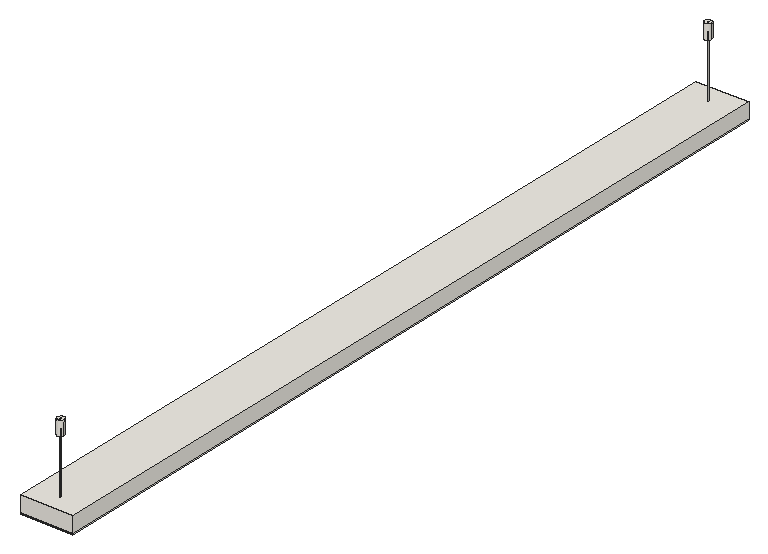
Revit family "ERA_LF_PR_SPO-5-40", category Осветительные приборы, Revit 2019 (continued)
Types (4, lengths in mm): name | Файл фотометрической сетки | built-in parameter 1150142 | Lumens | built-in parameter 1150107 | URL | ADSK_Масса | ADSK_Марка | ADSK_Обозначение | ADSK_Наименование
    3 251.8 248.2 244.4 240.6 236.7 232.7 228.7 224.6 220.4 216.2 211.9 207.6 203.3 198.8 194.4 189.9 185.5 180.9 176.4 171.8 167.2 162.6 157.9 153.3 148.8 144.3 139.9 135.6 131.5 127.4 123.3 119.4 115.5 111.7 107.9 104.2 100.5 96.8 93.3 89.7 86.3 82.8 79.4 76.1 72.8 69.5 66.4 63.3 60.2 57.2 54.3 51.4 48.6 45.8 43.1 40.5 37.9 35.4 32.9 30.4 27.9 25.6 23.4 21.3 19.4 17.6 15.9 14.3 12.7 11.3 9.9 8.6 7.3 6.2 5.2 4.3 3.5 0 0 0 0 0 0 0 0 0 0 0 0 0 0 0 0 0 0 0 0 0 0 0 0 0 0 0 0 0 0 0 0 0 0 0 0 0 0 0 0 0 0 0 0 0 0 0 0 0 0 0 0 0 0 0 0 0 0 0 0 0 0 0 0 0 0 0 0\r\n319.5 319.5 319.3 319 318.7 318.2 317.6 316.9 316.1 315.2 314.2 313.1 311.8 310.5 309.1 307.5 305.9 304.1 302.2 300.2 298.2 296 293.7 291.3 288.8 286.3 283.7 280.9 278 275.1 272 268.9 265.7 262.4 259 255.5 251.9 248.2 244.4 240.6 236.7 232.7 228.7 224.5 220.3 216.1 211.7 207.4 202.9 198.4 193.9 189.3 184.7 180 175.3 170.6 165.9 161.1 156.3 151.6 146.9 142.2 137.6 133.1 128.6 124.3 120.1 115.9 111.8 107.9 103.9 100.1 96.3 92.5 88.9 85.2 81.7 78.2 74.8 71.4 68.1 64.9 61.7 58.6 55.5 52.5 49.6 46.7 43.9 41.2 38.3 35.7 33.3 30.9 28.5 26 23.6 21.4 19.4 17.5 15.7 14.2 12.6 11.2 9.9 8.6 7.4 6.3 5.2 4.3 3.6 0 0 0 0 0 0 0 0 0 0 0 0 0 0 0 0 0 0 0 0 0 0 0 0 0 0 0 0 0 0 0 0 0 0 0 0 0 0 0 0 0 0 0 0 0 0 0 0 0 0 0 0 0 0 0 0 0 0 0 0 0 0 0 0 0 0 0 0 0 0\r\n319.5 319.4 319.3 319 318.6 318.1 317.5 316.8 316 315.1 314.1 312.9 311.7 310.3 308.9 307.3 305.6 303.8 301.9 300 297.9 295.7 293.4 291.1 288.6 286.1 283.4 280.7 277.8 274.8 271.8 268.6 265.4 262.1 258.7 255.2 251.6 248 244.2 240.3 236.4 232.4 228.3 224.1 219.9 215.6 211.3 206.9 202.4 197.8 193.3 188.6 183.9 179.1 174.4 169.6 164.8 160 155.1 150.3 145.4 140.6 135.8 130.9 126.2 121.5 116.9 112.4 108.1 103.9 99.8 95.7 91.7 87.9 84.1 80.3 76.6 73.1 69.5 66.1 62.7 59.4 56.1 53 49.9 46.9 44 41.1 38.4 35.7 33.1 30.6 28.2 25.8 23.3 20.8 18.5 16.5 14.7 13.1 11.6 10.2 8.9 7.7 6.6 5.5 4.6 3.7 3.1 0 0 0 0 0 0 0 0 0 0 0 0 0 0 0 0 0 0 0 0 0 0 0 0 0 0 0 0 0 0 0 0 0 0 0 0 0 0 0 0 0 0 0 0 0 0 0 0 0 0 0 0 0 0 0 0 0 0 0 0 0 0 0 0 0 0 0 0 0 0 0 0\r\n319.5 319.5 319.3 319 318.6 318.1 317.5 316.7 315.9 314.9 313.9 312.7 311.4 310.1 308.6 307 305.3 303.5 301.5 299.5 297.4 295.2 292.9 290.5 288 285.3 282.6 279.9 277 274.1 271 267.9 264.7 261.5 258.1 254.6 251.1 247.5 243.8 240 236.2 232.2 228.2 224.1 219.8 215.6 211.2 206.8 202.4 197.9 193.3 188.7 184 179.3 174.5 169.7 164.8 159.9 154.9 150 145 140 135 130 125 120 115.1 110.1 105.2 100.5 95.8 91.4 87 82.8 78.8 74.7 70.8 67 63.3 59.7 56.2 52.7 49.4 46.2 43 40 37 34.2 31.5 28.9 26.4 24 21.7 19.3 16.9 14.7 12.7 11.1 9.6 8.4 7.2 6.1 5.1 4.2 3.4 0 0 0 0 0 0 0 0 0 0 0 0 0 0 0 0 0 0 0 0 0 0 0 0 0 0 0 0 0 0 0 0 0 0 0 0 0 0 0 0 0 0 0 0 0 0 0 0 0 0 0 0 0 0 0 0 0 0 0 0 0 0 0 0 0 0 0 0 0 0 0 0 0 0 0 0\r\n319.5 319.5 319.3 319 318.6 318.1 317.5 316.7 315.9 314.9 313.9 312.7 311.5 310.1 308.6 307 305.3 303.5 301.6 299.6 297.5 295.3 293 290.6 288.1 285.5 282.8 280 277.1 274.1 271 267.8 264.6 261.2 257.8 254.2 250.7 247 243.2 239.4 235.5 231.5 227.4 223.3 219.1 214.8 210.5 206.1 201.5 197 192.4 187.7 183 178.1 173.3 168.4 163.4 158.4 153.4 148.3 143.2 138.1 132.9 127.8 122.6 117.4 112.3 107.1 102 96.9 91.8 86.8 81.9 77.1 72.5 68.1 63.8 59.7 55.8 51.9 48.3 44.7 41.3 38 34.8 31.8 28.9 26.1 23.5 21.1 18.8 16.5 14.3 12.1 10.1 8.5 7.1 6.1 5.1 4.2 3.4 0 0 0 0 0 0 0 0 0 0 0 0 0 0 0 0 0 0 0 0 0 0 0 0 0 0 0 0 0 0 0 0 0 0 0 0 0 0 0 0 0 0 0 0 0 0 0 0 0 0 0 0 0 0 0 0 0 0 0 0 0 0 0 0 0 0 0 0 0 0 0 0 0 0 0 0 0 0 0 0\r\n319.5 319.5 319.3 319 318.5 318 317.4 316.7 315.9 314.9 313.9 312.7 311.4 310.1 308.6 307 305.3 303.5 301.6 299.6 297.5 295.3 293 290.6 288.1 285.5 282.8 280.1 277.2 274.3 271.2 268.1 264.8 261.5 258.1 254.6 251 247.3 243.6 239.8 235.9 231.9 227.8 223.7 219.5 215.2 210.8 206.4 201.9 197.3 192.7 188 183.3 178.5 173.6 168.7 163.7 158.6 153.6 148.5 143.3 138.1 132.8 127.6 122.2 116.9 111.6 106.2 100.8 95.4 90.1 84.8 79.6 74.4 69.2 64.1 59.1 54.3 49.6 45.1 40.9 37 33.3 29.8 26.5 23.4 20.5 17.8 15.4 13.1 11.1 9.2 7.5 5.9 4.6 3.6 0 0 0 0 0 0 0 0 0 0 0 0 0 0 0 0 0 0 0 0 0 0 0 0 0 0 0 0 0 0 0 0 0 0 0 0 0 0 0 0 0 0 0 0 0 0 0 0 0 0 0 0 0 0 0 0 0 0 0 0 0 0 0 0 0 0 0 0 0 0 0 0 0 0 0 0 0 0 0 0 0 0 0 0 0\r\n319.5 319.5 319.3 319 318.5 318 317.4 316.7 315.8 314.9 313.8 312.7 311.4 310 308.5 306.9 305.2 303.4 301.5 299.5 297.4 295.2 292.9 290.5 288 285.4 282.7 279.9 277 274.1 271 267.8 264.5 261.2 257.7 254.2 250.6 246.8 243 239.1 235.2 231.1 227 222.8 218.6 214.2 209.9 205.5 200.9 196.3 191.7 187 182.2 177.4 172.4 167.5 162.5 157.4 152.2 147 141.7 136.4 131.1 125.7 120.3 114.9 109.4 103.9 98.4 93 87.5 82 76.5 71.1 65.7 60.3 55 49.9 44.8 39.9 35.2 30.6 26.3 22.3 18.6 15.3 12.4 10 7.9 6.1 4.7 3.5 0 0 0 0 0 0 0 0 0 0 0 0 0 0 0 0 0 0 0 0 0 0 0 0 0 0 0 0 0 0 0 0 0 0 0 0 0 0 0 0 0 0 0 0 0 0 0 0 0 0 0 0 0 0 0 0 0 0 0 0 0 0 0 0 0 0 0 0 0 0 0 0 0 0 0 0 0 0 0 0 0 0 0 0 0 0 0 0 0\r\n319.5 319.5 319.3 319 318.6 318 317.4 316.7 315.8 314.8 313.8 312.6 311.2 309.8 308.3 306.8 305 303.2 301.2 299.2 297.1 294.8 292.5 290 287.5 284.9 282.2 279.4 276.5 273.5 270.4 267.2 264 260.7 257.2 253.7 250.1 246.4 242.6 238.8 234.8 230.8 226.8 222.6 218.4 214.1 209.8 205.4 200.8 196.3 191.6 186.9 182.1 177.2 172.3 167.3 162.2 157.2 152 146.8 141.5 136.2 130.9 125.5 120.1 114.6 109.1 103.5 97.9 92.3 86.7 81.1 75.5 69.9 64.3 58.8 53.3 47.9 42.6 37.4 32.3 27.5 22.8 18.5 14.5 10.9 7.8 5.2 3.2 0 0 0 0 0 0 0 0 0 0 0 0 0 0 0 0 0 0 0 0 0 0 0 0 0 0 0 0 0 0 0 0 0 0 0 0 0 0 0 0 0 0 0 0 0 0 0 0 0 0 0 0 0 0 0 0 0 0 0 0 0 0 0 0 0 0 0 0 0 0 0 0 0 0 0 0 0 0 0 0 0 0 0 0 0 0 0 0 0 0 0 0\r\n319.5 319.5 319.3 319 318.5 318 317.4 316.7 315.8 314.9 313.8 312.7 311.4 310 308.5 306.9 305.2 303.4 301.5 299.5 297.4 295.2 292.9 290.5 288 285.4 282.7 279.9 277 274.1 271 267.8 264.5 261.2 257.7 254.2 250.6 246.8 243 239.1 235.2 231.1 227 222.8 218.6 214.2 209.9 205.5 200.9 196.3 191.7 187 182.2 177.4 172.4 167.5 162.5 157.4 152.2 147 141.7 136.4 131.1 125.7 120.3 114.9 109.4 103.9 98.4 93 87.5 82 76.5 71.1 65.7 60.3 55 49.9 44.8 39.9 35.2 30.6 26.3 22.3 18.6 15.3 12.4 10 7.9 6.1 4.7 3.5 0 0 0 0 0 0 0 0 0 0 0 0 0 0 0 0 0 0 0 0 0 0 0 0 0 0 0 0 0 0 0 0 0 0 0 0 0 0 0 0 0 0 0 0 0 0 0 0 0 0 0 0 0 0 0 0 0 0 0 0 0 0 0 0 0 0 0 0 0 0 0 0 0 0 0 0 0 0 0 0 0 0 0 0 0 0 0 0 0\r\n319.5 319.5 319.3 319 318.5 318 317.4 316.7 315.9 314.9 313.9 312.7 311.4 310.1 308.6 307 305.3 303.5 301.6 299.6 297.5 295.3 293 290.6 288.1 285.5 282.8 280.1 277.2 274.3 271.2 268.1 264.8 261.5 258.1 254.6 251 247.3 243.6 239.8 235.9 231.9 227.8 223.7 219.5 215.2 210.8 206.4 201.9 197.3 192.7 188 183.3 178.5 173.6 168.7 163.7 158.6 153.6 148.5 143.3 138.1 132.8 127.6 122.2 116.9 111.6 106.2 100.8 95.4 90.1 84.8 79.6 74.4 69.2 64.1 59.1 54.3 49.6 45.1 40.9 37 33.3 29.8 26.5 23.4 20.5 17.8 15.4 13.1 11.1 9.2 7.5 5.9 4.6 3.6 0 0 0 0 0 0 0 0 0 0 0 0 0 0 0 0 0 0 0 0 0 0 0 0 0 0 0 0 0 0 0 0 0 0 0 0 0 0 0 0 0 0 0 0 0 0 0 0 0 0 0 0 0 0 0 0 0 0 0 0 0 0 0 0 0 0 0 0 0 0 0 0 0 0 0 0 0 0 0 0 0 0 0 0 0\r\n319.5 319.5 319.3 319 318.6 318.1 317.5 316.7 315.9 314.9 313.9 312.7 311.5 310.1 308.6 307 305.3 303.5 301.6 299.6 297.5 295.3 293 290.6 288.1 285.5 282.8 280 277.1 274.1 271 267.8 264.6 261.2 257.8 254.2 250.7 247 243.2 239.4 235.5 231.5 227.4 223.3 219.1 214.8 210.5 206.1 201.5 197 192.4 187.7 183 178.1 173.3 168.4 163.4 158.4 153.4 148.3 143.2 138.1 132.9 127.8 122.6 117.4 112.3 107.1 102 96.9 91.8 86.8 81.9 77.1 72.5 68.1 63.8 59.7 55.8 51.9 48.3 44.7 41.3 38 34.8 31.8 28.9 26.1 23.5 21.1 18.8 16.5 14.3 12.1 10.1 8.5 7.1 6.1 5.1 4.2 3.4 0 0 0 0 0 0 0 0 0 0 0 0 0 0 0 0 0 0 0 0 0 0 0 0 0 0 0 0 0 0 0 0 0 0 0 0 0 0 0 0 0 0 0 0 0 0 0 0 0 0 0 0 0 0 0 0 0 0 0 0 0 0 0 0 0 0 0 0 0 0 0 0 0 0 0 0 0 0 0 0\r\n319.5 319.5 319.3 319 318.6 318.1 317.5 316.7 315.9 314.9 313.9 312.7 311.4 310.1 308.6 307 305.3 303.5 301.5 299.5 297.4 295.2 292.9 290.5 288 285.3 282.6 279.9 277 274.1 271 267.9 264.7 261.5 258.1 254.6 251.1 247.5 243.8 240 236.2 232.2 228.2 224.1 219.8 215.6 211.2 206.8 202.4 197.9 193.3 188.7 184 179.3 174.5 169.7 164.8 159.9 154.9 150 145 140 135 130 125 120 115.1 110.1 105.2 100.5 95.8 91.4 87 82.8 78.8 74.7 70.8 67 63.3 59.7 56.2 52.7 49.4 46.2 43 40 37 34.2 31.5 28.9 26.4 24 21.7 19.3 16.9 14.7 12.7 11.1 9.6 8.4 7.2 6.1 5.1 4.2 3.4 0 0 0 0 0 0 0 0 0 0 0 0 0 0 0 0 0 0 0 0 0 0 0 0 0 0 0 0 0 0 0 0 0 0 0 0 0 0 0 0 0 0 0 0 0 0 0 0 0 0 0 0 0 0 0 0 0 0 0 0 0 0 0 0 0 0 0 0 0 0 0 0 0 0 0 0\r\n319.5 319.4 319.3 319 318.6 318.1 317.5 316.8 316 315.1 314.1 312.9 311.7 310.3 308.9 307.3 305.6 303.8 301.9 300 297.9 295.7 293.4 291.1 288.6 286.1 283.4 280.7 277.8 274.8 271.8 268.6 265.4 262.1 258.7 255.2 251.6 248 244.2 240.3 236.4 232.4 228.3 224.1 219.9 215.6 211.3 206.9 202.4 197.8 193.3 188.6 183.9 179.1 174.4 169.6 164.8 160 155.1 150.3 145.4 140.6 135.8 130.9 126.2 121.5 116.9 112.4 108.1 103.9 99.8 95.7 91.7 87.9 84.1 80.3 76.6 73.1 69.5 66.1 62.7 59.4 56.1 53 49.9 46.9 44 41.1 38.4 35.7 33.1 30.6 28.2 25.8 23.3 20.8 18.5 16.5 14.7 13.1 11.6 10.2 8.9 7.7 6.6 5.5 4.6 3.7 3.1 0 0 0 0 0 0 0 0 0 0 0 0 0 0 0 0 0 0 0 0 0 0 0 0 0 0 0 0 0 0 0 0 0 0 0 0 0 0 0 0 0 0 0 0 0 0 0 0 0 0 0 0 0 0 0 0 0 0 0 0 0 0 0 0 0 0 0 0 0 0 0 0\r\n319.5 319.5 319.3 319 318.7 318.2 317.6 316.9 316.1 315.2 314.2 313.1 311.8 310.5 309.1 307.5 305.9 304.1 302.2 300.2 298.2 296 293.7 291.3 288.8 286.3 283.7 280.9 278 275.1 272 268.9 265.7 262.4 259 255.5 251.9 248.2 244.4 240.6 236.7 232.7 228.7 224.5 220.3 216.1 211.7 207.4 202.9 198.4 193.9 189.3 184.7 180 175.3 170.6 165.9 161.1 156.3 151.6 146.9 142.2 137.6 133.1 128.6 124.3 120.1 115.9 111.8 107.9 103.9 100.1 96.3 92.5 88.9 85.2 81.7 78.2 74.8 71.4 68.1 64.9 61.7 58.6 55.5 52.5 49.6 46.7 43.9 41.2 38.3 35.7 33.3 30.9 28.5 26 23.6 21.4 19.4 17.5 15.7 14.2 12.6 11.2 9.9 8.6 7.4 6.3 5.2 4.3 3.6 0 0 0 0 0 0 0 0 0 0 0 0 0 0 0 0 0 0 0 0 0 0 0 0 0 0 0 0 0 0 0 0 0 0 0 0 0 0 0 0 0 0 0 0 0 0 0 0 0 0 0 0 0 0 0 0 0 0 0 0 0 0 0 0 0 0 0 0 0 0\r\n319.5 319.4 319.3 319 318.6 318.1 317.5 316.8 316 315 314 312.9 311.6 310.3 308.9 307.3 305.7 303.9 302 300 297.9 295.8 293.5 291.1 288.6 286.1 283.4 280.6 277.8 274.9 271.8 268.7 265.5 262.2 258.8 255.3 251.8 248.2 244.4 240.6 236.7 232.7 228.7 224.6 220.4 216.2 211.9 207.6 203.3 198.8 194.4 189.9 185.5 180.9 176.4 171.8 167.2 162.6 157.9 153.3 148.8 144.3 139.9 135.6 131.5 127.4 123.3 119.4 115.5 111.7 107.9 104.2 100.5 96.8 93.3 89.7 86.3 82.8 79.4 76.1 72.8 69.5 66.4 63.3 60.2 57.2 54.3 51.4 48.6 45.8 43.1 40.5 37.9 35.4 32.9 30.4 27.9 25.6 23.4 21.3 19.4 17.6 15.9 14.3 12.7 11.3 9.9 8.6 7.3 6.2 5.2 4.3 3.5 0 0 0 0 0 0 0 0 0 0 0 0 0 0 0 0 0 0 0 0 0 0 0 0 0 0 0 0 0 0 0 0 0 0 0 0 0 0 0 0 0 0 0 0 0 0 0 0 0 0 0 0 0 0 0 0 0 0 0 0 0 0 0 0 0 0 0 0\r\n319.5 319.4 319.3 319 318.6 318.1 317.5 316.8 316 315 314 312.9 311.6 310.2 308.8 307.2 305.5 303.8 301.9 300 297.9 295.7 293.5 291.1 288.7 286.1 283.5 280.7 277.9 275 271.9 268.8 265.6 262.3 258.8 255.4 251.8 248.1 244.3 240.5 236.6 232.6 228.6 224.5 220.3 216.1 211.8 207.4 203 198.6 194.1 189.7 185.2 180.5 175.9 171.3 166.6 162 157.4 152.9 148.4 144.1 139.9 135.8 131.8 127.9 124 120.3 116.5 112.8 109.1 105.4 101.8 98.2 94.7 91.3 87.9 84.5 81.2 77.9 74.7 71.5 68.4 65.3 62.3 59.3 56.4 53.6 50.8 48 45.3 42.7 40.1 37.6 35.1 32.6 30.2 27.8 25.6 23.5 21.5 19.6 17.8 16.1 14.5 12.9 11.5 10 8.7 7.5 6.3 5.3 4.4 3.6 0 0 0 0 0 0 0 0 0 0 0 0 0 0 0 0 0 0 0 0 0 0 0 0 0 0 0 0 0 0 0 0 0 0 0 0 0 0 0 0 0 0 0 0 0 0 0 0 0 0 0 0 0 0 0 0 0 0 0 0 0 0 0 0 0 0 0\r\n319.5 319.5 319.3 319.1 318.9 318.4 317.9 317.3 316.5 315.6 314.6 313.5 312.3 310.9 309.5 307.9 306.2 304.5 302.6 300.6 298.5 296.4 294.1 291.7 289.2 286.6 283.9 281.1 278.2 275.2 272.2 269.1 265.9 262.6 259.2 255.8 252.4 248.8 245 241.3 237.5 233.7 229.8 225.7 221.6 217.4 213.2 208.9 204.5 200.1 195.7 191.3 186.9 182.3 177.7 173.1 168.5 163.9 159.4 155 150.6 146.3 142.2 138 134 130 126.1 122.2 118.4 114.6 110.9 107.2 103.6 100 96.4 92.9 89.4 85.9 82.6 79.2 75.9 72.7 69.6 66.4 63.3 60.3 57.3 54.4 51.6 48.8 46.1 43.4 40.9 38.4 35.9 33.4 30.9 28.6 26.4 24.3 22.3 20.4 18.6 16.8 15.1 13.6 12 10.6 9.3 8 6.9 5.8 4.8 4 3.2 0 0 0 0 0 0 0 0 0 0 0 0 0 0 0 0 0 0 0 0 0 0 0 0 0 0 0 0 0 0 0 0 0 0 0 0 0 0 0 0 0 0 0 0 0 0 0 0 0 0 0 0 0 0 0 0 0 0 0 0 0 0 0 0 0 0\r\n" | 3060 lm | 6500 (stored number, unit not read) | "https://www.eraworld.ru/catalog/64235" | 0.46 | "SPO-5-40-6K-M (F)" | "SPO-5-40-6K-M (F)" | "Светильник, LED, прямоугольный, подвесной, IP20, 1200х75х24 мм (ДхШхВ), 36 Вт, 6500 К, 3060 лм, класс защиты I, в комплекте (импульсный драйвер, поликарбонат)"
